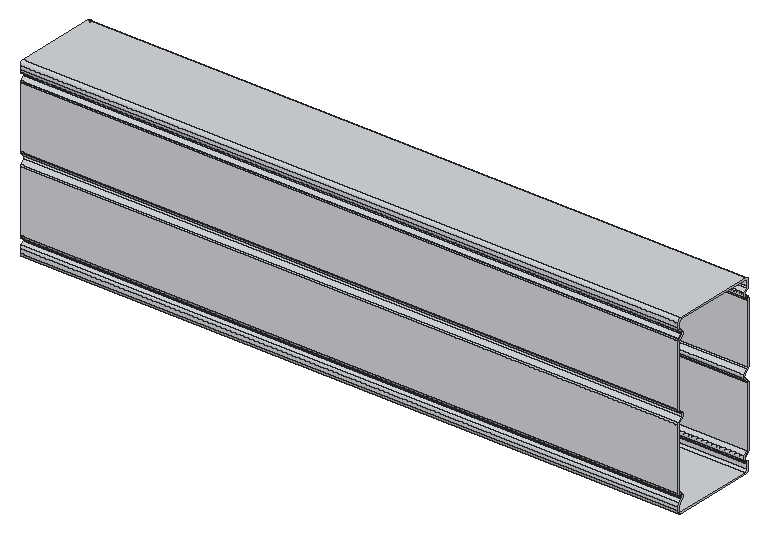
Revit family "SF_Tubest", category Structural Framing, Revit 2022
Family settings
  Section Shape = Not Defined
  Material for Model Behavior = Other
  Always export as geometry = No
  OmniClass Number = 23.25.30.11.14.14
  OmniClass Title = Beams
  Always vertical = Yes
  Cut with Voids When Loaded = No
  Symbolic Representation = From Family
  Shared = No
  Show family pre-cut in plan views = Yes
Parameters (values of type "TubestGD (800x400x6x4")
  es = 4 mm
  eo = 6 mm
  Y = 670 mm
  Vis.SigmaEspecial = H < 300 mm  # no
  Vis.Sigma = not(Vis.SigmaEspecial)  # yes
  Rs = 8 mm
  Ro = 10 mm
  Offset_s = B / 2  # 200 mm
  Offset_o = H / 2  # 400 mm
  H = 800 mm
  Dse = 20 mm
  D_s = 25 mm
  D2_s = 20 mm
  D2_o = 18 mm
  D_o = 18 mm
  B = 400 mm
  URL = ""
  Type Comments = ""
  Structural Material [instance] = ASTM A36
  Model = ""
  Manufacturer = ""
  Length [instance] = 3000 mm
  Keynote = ""
  A = 89 mm
  Description = ""
  Assembly Code = ""
Types (264, lengths in mm): name | es | eo | Y | Vis.SigmaEspecial | Vis.Sigma | Offset_s | Offset_o | H | B
  TubestGD (800x400x6x4 | 4 | 6 | 670 | no | yes | 200 | 400 | 800 | 400
  TubestGD (800x400x6x3 | 3 | 6 | 670 | no | yes | 200 | 400 | 800 | 400
  TubestGD (800x400x5x3 | 3 | 5 | 670 | no | yes | 200 | 400 | 800 | 400
  TubestGD (800x400x4x3 | 3 | 4 | 670 | no | yes | 200 | 400 | 800 | 400
  TubestGD (800x400x3x3 | 3 | 3 | 670 | no | yes | 200 | 400 | 800 | 400
  TubestGD (800x350x6x4 | 4 | 6 | 670 | no | yes | 175 | 400 | 800 | 350
  TubestGD (800x350x6x3 | 3 | 6 | 670 | no | yes | 175 | 400 | 800 | 350
  TubestGD (800x350x5x3 | 3 | 5 | 670 | no | yes | 175 | 400 | 800 | 350
  TubestGD (800x350x4x3 | 3 | 4 | 670 | no | yes | 175 | 400 | 800 | 350
  TubestGD (800x350x3x3 | 3 | 3 | 670 | no | yes | 175 | 400 | 800 | 350
  TubestGD (800x300x6x4 | 4 | 6 | 670 | no | yes | 150 | 400 | 800 | 300
  TubestGD (800x300x6x3 | 3 | 6 | 670 | no | yes | 150 | 400 | 800 | 300
  TubestGD (800x300x5x3 | 3 | 5 | 670 | no | yes | 150 | 400 | 800 | 300
  TubestGD (800x300x4x3 | 3 | 4 | 670 | no | yes | 150 | 400 | 800 | 300
  TubestGD (800x300x3x3 | 3 | 3 | 670 | no | yes | 150 | 400 | 800 | 300
  TubestGD (800x250x6x4 | 4 | 6 | 670 | no | yes | 125 | 400 | 800 | 250
  TubestGD (800x250x6x3 | 3 | 6 | 670 | no | yes | 125 | 400 | 800 | 250
  TubestGD (800x250x5x3 | 3 | 5 | 670 | no | yes | 125 | 400 | 800 | 250
  TubestGD (800x250x4x3 | 3 | 4 | 670 | no | yes | 125 | 400 | 800 | 250
  TubestGD (800x250x3x3 | 3 | 3 | 670 | no | yes | 125 | 400 | 800 | 250
  TubestGD (800x225x6x4 | 4 | 6 | 670 | no | yes | 112.5 | 400 | 800 | 225
  TubestGD (800x225x6x3 | 3 | 6 | 670 | no | yes | 112.5 | 400 | 800 | 225
  TubestGD (800x225x5x3 | 3 | 5 | 670 | no | yes | 112.5 | 400 | 800 | 225
  TubestGD (800x225x4x3 | 3 | 4 | 670 | no | yes | 112.5 | 400 | 800 | 225
  TubestGD (800x225x3x3 | 3 | 3 | 670 | no | yes | 112.5 | 400 | 800 | 225
  TubestGD (800x200x6x4 | 4 | 6 | 670 | no | yes | 100 | 400 | 800 | 200
  TubestGD (800x200x6x3 | 3 | 6 | 670 | no | yes | 100 | 400 | 800 | 200
  TubestGD (800x200x5x3 | 3 | 5 | 670 | no | yes | 100 | 400 | 800 | 200
  TubestGD (800x200x4x3 | 3 | 4 | 670 | no | yes | 100 | 400 | 800 | 200
  TubestGD (800x200x3x3 | 3 | 3 | 670 | no | yes | 100 | 400 | 800 | 200
  TubestGD (800x150x6x4 | 4 | 6 | 670 | no | yes | 75 | 400 | 800 | 150
  TubestGD (800x150x6x3 | 3 | 6 | 670 | no | yes | 75 | 400 | 800 | 150
  TubestGD (800x150x5x3 | 3 | 5 | 670 | no | yes | 75 | 400 | 800 | 150
  TubestGD (800x150x4x3 | 3 | 4 | 670 | no | yes | 75 | 400 | 800 | 150
  TubestGD (800x150x3x3 | 3 | 3 | 670 | no | yes | 75 | 400 | 800 | 150
  TubestGD (750x400x6x4 | 4 | 6 | 620 | no | yes | 200 | 375 | 750 | 400
  TubestGD (750x400x6x3 | 3 | 6 | 620 | no | yes | 200 | 375 | 750 | 400
  TubestGD (750x400x5x3 | 3 | 5 | 620 | no | yes | 200 | 375 | 750 | 400
  TubestGD (750x400x4x3 | 3 | 4 | 620 | no | yes | 200 | 375 | 750 | 400
  TubestGD (750x400x3x3 | 3 | 3 | 620 | no | yes | 200 | 375 | 750 | 400
  TubestGD (750x350x6x4 | 4 | 6 | 620 | no | yes | 175 | 375 | 750 | 350
  TubestGD (750x350x6x3 | 3 | 6 | 620 | no | yes | 175 | 375 | 750 | 350
  TubestGD (750x350x5x3 | 3 | 5 | 620 | no | yes | 175 | 375 | 750 | 350
  TubestGD (750x350x4x3 | 3 | 4 | 620 | no | yes | 175 | 375 | 750 | 350
  TubestGD (750x350x3x3 | 3 | 3 | 620 | no | yes | 175 | 375 | 750 | 350
  TubestGD (750x300x6x4 | 4 | 6 | 620 | no | yes | 150 | 375 | 750 | 300
  TubestGD (750x300x6x3 | 3 | 6 | 620 | no | yes | 150 | 375 | 750 | 300
  TubestGD (750x300x5x3 | 3 | 5 | 620 | no | yes | 150 | 375 | 750 | 300
  TubestGD (750x300x4x3 | 3 | 4 | 620 | no | yes | 150 | 375 | 750 | 300
  TubestGD (750x300x3x3 | 3 | 3 | 620 | no | yes | 150 | 375 | 750 | 300
  TubestGD (750x250x6x4 | 4 | 6 | 620 | no | yes | 125 | 375 | 750 | 250
  TubestGD (750x250x6x3 | 3 | 6 | 620 | no | yes | 125 | 375 | 750 | 250
  TubestGD (750x250x5x3 | 3 | 5 | 620 | no | yes | 125 | 375 | 750 | 250
  TubestGD (750x250x4x3 | 3 | 4 | 620 | no | yes | 125 | 375 | 750 | 250
  TubestGD (750x250x3x3 | 3 | 3 | 620 | no | yes | 125 | 375 | 750 | 250
  TubestGD (750x225x6x4 | 4 | 6 | 620 | no | yes | 112.5 | 375 | 750 | 225
  TubestGD (750x225x6x3 | 3 | 6 | 620 | no | yes | 112.5 | 375 | 750 | 225
  TubestGD (750x225x5x3 | 3 | 5 | 620 | no | yes | 112.5 | 375 | 750 | 225
  TubestGD (750x225x4x3 | 3 | 4 | 620 | no | yes | 112.5 | 375 | 750 | 225
  TubestGD (750x225x3x3 | 3 | 3 | 620 | no | yes | 112.5 | 375 | 750 | 225
  TubestGD (750x200x6x4 | 4 | 6 | 620 | no | yes | 100 | 375 | 750 | 200
  TubestGD (750x200x6x3 | 3 | 6 | 620 | no | yes | 100 | 375 | 750 | 200
  TubestGD (750x200x5x3 | 3 | 5 | 620 | no | yes | 100 | 375 | 750 | 200
  TubestGD (750x200x4x3 | 3 | 4 | 620 | no | yes | 100 | 375 | 750 | 200
  TubestGD (750x200x3x3 | 3 | 3 | 620 | no | yes | 100 | 375 | 750 | 200
  TubestGD (750x150x6x4 | 4 | 6 | 620 | no | yes | 75 | 375 | 750 | 150
  TubestGD (750x150x6x3 | 3 | 6 | 620 | no | yes | 75 | 375 | 750 | 150
  TubestGD (750x150x5x3 | 3 | 5 | 620 | no | yes | 75 | 375 | 750 | 150
  TubestGD (750x150x4x3 | 3 | 4 | 620 | no | yes | 75 | 375 | 750 | 150
  TubestGD (750x150x3x3 | 3 | 3 | 620 | no | yes | 75 | 375 | 750 | 150
  TubestGD (700x400x6x4 | 4 | 6 | 570 | no | yes | 200 | 350 | 700 | 400
  TubestGD (700x400x6x3 | 3 | 6 | 570 | no | yes | 200 | 350 | 700 | 400
  TubestGD (700x400x5x3 | 3 | 5 | 570 | no | yes | 200 | 350 | 700 | 400
  TubestGD (700x400x4x3 | 3 | 4 | 570 | no | yes | 200 | 350 | 700 | 400
  TubestGD (700x400x3x3 | 3 | 3 | 570 | no | yes | 200 | 350 | 700 | 400
  TubestGD (700x350x6x4 | 4 | 6 | 570 | no | yes | 175 | 350 | 700 | 350
  TubestGD (700x350x6x3 | 3 | 6 | 570 | no | yes | 175 | 350 | 700 | 350
  TubestGD (700x350x5x3 | 3 | 5 | 570 | no | yes | 175 | 350 | 700 | 350
  TubestGD (700x350x4x3 | 3 | 4 | 570 | no | yes | 175 | 350 | 700 | 350
  TubestGD (700x350x3x3 | 3 | 3 | 570 | no | yes | 175 | 350 | 700 | 350
  TubestGD (700x300x6x4 | 4 | 6 | 570 | no | yes | 150 | 350 | 700 | 300
  TubestGD (700x300x6x3 | 3 | 6 | 570 | no | yes | 150 | 350 | 700 | 300
  TubestGD (700x300x5x3 | 3 | 5 | 570 | no | yes | 150 | 350 | 700 | 300
  TubestGD (700x300x4x3 | 3 | 4 | 570 | no | yes | 150 | 350 | 700 | 300
  TubestGD (700x300x3x3 | 3 | 3 | 570 | no | yes | 150 | 350 | 700 | 300
  TubestGD (700x250x6x4 | 4 | 6 | 570 | no | yes | 125 | 350 | 700 | 250
  TubestGD (700x250x6x3 | 3 | 6 | 570 | no | yes | 125 | 350 | 700 | 250
  TubestGD (700x250x5x3 | 3 | 5 | 570 | no | yes | 125 | 350 | 700 | 250
  TubestGD (700x250x4x3 | 3 | 4 | 570 | no | yes | 125 | 350 | 700 | 250
  TubestGD (700x250x3x3 | 3 | 3 | 570 | no | yes | 125 | 350 | 700 | 250
  TubestGD (700x225x6x4 | 4 | 6 | 570 | no | yes | 112.5 | 350 | 700 | 225
  TubestGD (700x225x6x3 | 3 | 6 | 570 | no | yes | 112.5 | 350 | 700 | 225
  TubestGD (700x225x5x3 | 3 | 5 | 570 | no | yes | 112.5 | 350 | 700 | 225
  TubestGD (700x225x4x3 | 3 | 4 | 570 | no | yes | 112.5 | 350 | 700 | 225
  TubestGD (700x225x3x3 | 3 | 3 | 570 | no | yes | 112.5 | 350 | 700 | 225
  TubestGD (700x200x6x4 | 4 | 6 | 570 | no | yes | 100 | 350 | 700 | 200
  TubestGD (700x200x6x3 | 3 | 6 | 570 | no | yes | 100 | 350 | 700 | 200
  TubestGD (700x200x5x3 | 3 | 5 | 570 | no | yes | 100 | 350 | 700 | 200
  TubestGD (700x200x4x3 | 3 | 4 | 570 | no | yes | 100 | 350 | 700 | 200
  TubestGD (700x200x3x3 | 3 | 3 | 570 | no | yes | 100 | 350 | 700 | 200
  TubestGD (700x150x6x4 | 4 | 6 | 570 | no | yes | 75 | 350 | 700 | 150
  TubestGD (700x150x6x3 | 3 | 6 | 570 | no | yes | 75 | 350 | 700 | 150
  TubestGD (700x150x5x3 | 3 | 5 | 570 | no | yes | 75 | 350 | 700 | 150
  TubestGD (700x150x4x3 | 3 | 4 | 570 | no | yes | 75 | 350 | 700 | 150
  TubestGD (700x150x3x3 | 3 | 3 | 570 | no | yes | 75 | 350 | 700 | 150
  TubestGD (650x400x6x4 | 4 | 6 | 520 | no | yes | 200 | 325 | 650 | 400
  TubestGD (650x400x6x3 | 3 | 6 | 520 | no | yes | 200 | 325 | 650 | 400
  TubestGD (650x400x5x3 | 3 | 5 | 520 | no | yes | 200 | 325 | 650 | 400
  TubestGD (650x400x4x3 | 3 | 4 | 520 | no | yes | 200 | 325 | 650 | 400
  TubestGD (650x400x3x3 | 3 | 3 | 520 | no | yes | 200 | 325 | 650 | 400
  TubestGD (650x350x6x4 | 4 | 6 | 520 | no | yes | 175 | 325 | 650 | 350
  TubestGD (650x350x6x3 | 3 | 6 | 520 | no | yes | 175 | 325 | 650 | 350
  TubestGD (650x350x5x3 | 3 | 5 | 520 | no | yes | 175 | 325 | 650 | 350
  TubestGD (650x350x4x3 | 3 | 4 | 520 | no | yes | 175 | 325 | 650 | 350
  TubestGD (650x350x3x3 | 3 | 3 | 520 | no | yes | 175 | 325 | 650 | 350
  TubestGD (650x300x6x4 | 4 | 6 | 520 | no | yes | 150 | 325 | 650 | 300
  TubestGD (650x300x6x3 | 3 | 6 | 520 | no | yes | 150 | 325 | 650 | 300
  TubestGD (650x300x5x3 | 3 | 5 | 520 | no | yes | 150 | 325 | 650 | 300
  TubestGD (650x300x4x3 | 3 | 4 | 520 | no | yes | 150 | 325 | 650 | 300
  TubestGD (650x300x3x3 | 3 | 3 | 520 | no | yes | 150 | 325 | 650 | 300
  TubestGD (650x250x6x4 | 4 | 6 | 520 | no | yes | 125 | 325 | 650 | 250
  TubestGD (650x250x6x3 | 3 | 6 | 520 | no | yes | 125 | 325 | 650 | 250
  TubestGD (650x250x5x3 | 3 | 5 | 520 | no | yes | 125 | 325 | 650 | 250
  TubestGD (650x250x4x3 | 3 | 4 | 520 | no | yes | 125 | 325 | 650 | 250
  TubestGD (650x250x3x3 | 3 | 3 | 520 | no | yes | 125 | 325 | 650 | 250
  TubestGD (650x225x6x4 | 4 | 6 | 520 | no | yes | 112.5 | 325 | 650 | 225
  TubestGD (650x225x6x3 | 3 | 6 | 520 | no | yes | 112.5 | 325 | 650 | 225
  TubestGD (650x225x5x3 | 3 | 5 | 520 | no | yes | 112.5 | 325 | 650 | 225
  TubestGD (650x225x4x3 | 3 | 4 | 520 | no | yes | 112.5 | 325 | 650 | 225
  TubestGD (650x225x3x3 | 3 | 3 | 520 | no | yes | 112.5 | 325 | 650 | 225
  TubestGD (650x200x6x4 | 4 | 6 | 520 | no | yes | 100 | 325 | 650 | 200
  TubestGD (650x200x6x3 | 3 | 6 | 520 | no | yes | 100 | 325 | 650 | 200
  TubestGD (650x200x5x3 | 3 | 5 | 520 | no | yes | 100 | 325 | 650 | 200
  TubestGD (650x200x4x3 | 3 | 4 | 520 | no | yes | 100 | 325 | 650 | 200
  TubestGD (650x200x3x3 | 3 | 3 | 520 | no | yes | 100 | 325 | 650 | 200
  TubestGD (650x150x6x4 | 4 | 6 | 520 | no | yes | 75 | 325 | 650 | 150
  TubestGD (650x150x6x3 | 3 | 6 | 520 | no | yes | 75 | 325 | 650 | 150
  TubestGD (650x150x5x3 | 3 | 5 | 520 | no | yes | 75 | 325 | 650 | 150
  TubestGD (650x150x4x3 | 3 | 4 | 520 | no | yes | 75 | 325 | 650 | 150
  TubestGD (650x150x3x3 | 3 | 3 | 520 | no | yes | 75 | 325 | 650 | 150
  TubestGD (600x400x6x4 | 4 | 6 | 470 | no | yes | 200 | 300 | 600 | 400
  TubestGD (600x400x6x3 | 3 | 6 | 470 | no | yes | 200 | 300 | 600 | 400
  TubestGD (600x400x5x3 | 3 | 5 | 470 | no | yes | 200 | 300 | 600 | 400
  TubestGD (600x400x4x3 | 3 | 4 | 470 | no | yes | 200 | 300 | 600 | 400
  TubestGD (600x400x3x3 | 3 | 3 | 470 | no | yes | 200 | 300 | 600 | 400
  TubestGD (600x350x6x4 | 4 | 6 | 470 | no | yes | 175 | 300 | 600 | 350
  TubestGD (600x350x6x3 | 3 | 6 | 470 | no | yes | 175 | 300 | 600 | 350
  TubestGD (600x350x5x3 | 3 | 5 | 470 | no | yes | 175 | 300 | 600 | 350
  TubestGD (600x350x4x3 | 3 | 4 | 470 | no | yes | 175 | 300 | 600 | 350
  TubestGD (600x350x3x3 | 3 | 3 | 470 | no | yes | 175 | 300 | 600 | 350
  TubestGD (600x300x6x4 | 4 | 6 | 470 | no | yes | 150 | 300 | 600 | 300
  TubestGD (600x300x6x3 | 3 | 6 | 470 | no | yes | 150 | 300 | 600 | 300
  TubestGD (600x300x5x3 | 3 | 5 | 470 | no | yes | 150 | 300 | 600 | 300
  TubestGD (600x300x4x3 | 3 | 4 | 470 | no | yes | 150 | 300 | 600 | 300
  TubestGD (600x300x3x3 | 3 | 3 | 470 | no | yes | 150 | 300 | 600 | 300
  TubestGD (600x250x6x4 | 4 | 6 | 470 | no | yes | 125 | 300 | 600 | 250
  TubestGD (600x250x6x3 | 3 | 6 | 470 | no | yes | 125 | 300 | 600 | 250
  TubestGD (600x250x5x3 | 3 | 5 | 470 | no | yes | 125 | 300 | 600 | 250
  TubestGD (600x250x4x3 | 3 | 4 | 470 | no | yes | 125 | 300 | 600 | 250
  TubestGD (600x250x3x3 | 3 | 3 | 470 | no | yes | 125 | 300 | 600 | 250
  TubestGD (600x225x6x4 | 4 | 6 | 470 | no | yes | 112.5 | 300 | 600 | 225
  TubestGD (600x225x6x3 | 3 | 6 | 470 | no | yes | 112.5 | 300 | 600 | 225
  TubestGD (600x225x5x3 | 3 | 5 | 470 | no | yes | 112.5 | 300 | 600 | 225
  TubestGD (600x225x4x3 | 3 | 4 | 470 | no | yes | 112.5 | 300 | 600 | 225
  TubestGD (600x225x3x3 | 3 | 3 | 470 | no | yes | 112.5 | 300 | 600 | 225
  TubestGD (600x200x6x4 | 4 | 6 | 470 | no | yes | 100 | 300 | 600 | 200
  TubestGD (600x200x6x3 | 3 | 6 | 470 | no | yes | 100 | 300 | 600 | 200
  TubestGD (600x200x5x3 | 3 | 5 | 470 | no | yes | 100 | 300 | 600 | 200
  TubestGD (600x200x4x3 | 3 | 4 | 470 | no | yes | 100 | 300 | 600 | 200
  TubestGD (600x200x3x3 | 3 | 3 | 470 | no | yes | 100 | 300 | 600 | 200
  TubestGD (600x150x6x4 | 4 | 6 | 470 | no | yes | 75 | 300 | 600 | 150
  TubestGD (600x150x6x3 | 3 | 6 | 470 | no | yes | 75 | 300 | 600 | 150
  TubestGD (600x150x5x3 | 3 | 5 | 470 | no | yes | 75 | 300 | 600 | 150
  TubestGD (600x150x4x3 | 3 | 4 | 470 | no | yes | 75 | 300 | 600 | 150
  TubestGD (600x150x3x3 | 3 | 3 | 470 | no | yes | 75 | 300 | 600 | 150
  TubestGD (550x400x6x4 | 4 | 6 | 420 | no | yes | 200 | 275 | 550 | 400
  TubestGD (550x400x6x3 | 3 | 6 | 420 | no | yes | 200 | 275 | 550 | 400
  TubestGD (550x400x5x3 | 3 | 5 | 420 | no | yes | 200 | 275 | 550 | 400
  TubestGD (550x400x4x3 | 3 | 4 | 420 | no | yes | 200 | 275 | 550 | 400
  TubestGD (550x400x3x3 | 3 | 3 | 420 | no | yes | 200 | 275 | 550 | 400
  TubestGD (550x350x6x4 | 4 | 6 | 420 | no | yes | 175 | 275 | 550 | 350
  TubestGD (550x350x6x3 | 3 | 6 | 420 | no | yes | 175 | 275 | 550 | 350
  TubestGD (550x350x5x3 | 3 | 5 | 420 | no | yes | 175 | 275 | 550 | 350
  TubestGD (550x350x4x3 | 3 | 4 | 420 | no | yes | 175 | 275 | 550 | 350
  TubestGD (550x350x3x3 | 3 | 3 | 420 | no | yes | 175 | 275 | 550 | 350
  TubestGD (550x300x6x4 | 4 | 6 | 420 | no | yes | 150 | 275 | 550 | 300
  TubestGD (550x300x6x3 | 3 | 6 | 420 | no | yes | 150 | 275 | 550 | 300
  TubestGD (550x300x5x3 | 3 | 5 | 420 | no | yes | 150 | 275 | 550 | 300
  TubestGD (550x300x4x3 | 3 | 4 | 420 | no | yes | 150 | 275 | 550 | 300
  TubestGD (550x300x3x3 | 3 | 3 | 420 | no | yes | 150 | 275 | 550 | 300
  TubestGD (550x250x6x4 | 4 | 6 | 420 | no | yes | 125 | 275 | 550 | 250
  TubestGD (550x250x6x3 | 3 | 6 | 420 | no | yes | 125 | 275 | 550 | 250
  TubestGD (550x250x5x3 | 3 | 5 | 420 | no | yes | 125 | 275 | 550 | 250
  TubestGD (550x250x4x3 | 3 | 4 | 420 | no | yes | 125 | 275 | 550 | 250
  TubestGD (550x250x3x3 | 3 | 3 | 420 | no | yes | 125 | 275 | 550 | 250
  TubestGD (550x225x6x4 | 4 | 6 | 420 | no | yes | 112.5 | 275 | 550 | 225
  TubestGD (550x225x6x3 | 3 | 6 | 420 | no | yes | 112.5 | 275 | 550 | 225
  TubestGD (550x225x5x3 | 3 | 5 | 420 | no | yes | 112.5 | 275 | 550 | 225
  TubestGD (550x225x4x3 | 3 | 4 | 420 | no | yes | 112.5 | 275 | 550 | 225
  TubestGD (550x225x3x3 | 3 | 3 | 420 | no | yes | 112.5 | 275 | 550 | 225
  TubestGD (550x200x6x4 | 4 | 6 | 420 | no | yes | 100 | 275 | 550 | 200
  TubestGD (550x200x6x3 | 3 | 6 | 420 | no | yes | 100 | 275 | 550 | 200
  TubestGD (550x200x5x3 | 3 | 5 | 420 | no | yes | 100 | 275 | 550 | 200
  TubestGD (550x200x4x3 | 3 | 4 | 420 | no | yes | 100 | 275 | 550 | 200
  TubestGD (550x200x3x3 | 3 | 3 | 420 | no | yes | 100 | 275 | 550 | 200
  TubestGD (550x150x6x4 | 4 | 6 | 420 | no | yes | 75 | 275 | 550 | 150
  TubestGD (550x150x6x3 | 3 | 6 | 420 | no | yes | 75 | 275 | 550 | 150
  TubestGD (550x150x5x3 | 3 | 5 | 420 | no | yes | 75 | 275 | 550 | 150
  TubestGD (550x150x4x3 | 3 | 4 | 420 | no | yes | 75 | 275 | 550 | 150
  TubestGD (550x150x3x3 | 3 | 3 | 420 | no | yes | 75 | 275 | 550 | 150
  Tubest (500x225x6x3 | 3 | 6 | 370 | no | yes | 112.5 | 250 | 500 | 225
  Tubest (500x225x5x3 | 3 | 5 | 370 | no | yes | 112.5 | 250 | 500 | 225
  Tubest (500x225x4x3 | 3 | 4 | 370 | no | yes | 112.5 | 250 | 500 | 225
  Tubest (500x200x6x3 | 3 | 6 | 370 | no | yes | 100 | 250 | 500 | 200
  Tubest (500x200x5x3 | 3 | 5 | 370 | no | yes | 100 | 250 | 500 | 200
  Tubest (500x200x4x3 | 3 | 4 | 370 | no | yes | 100 | 250 | 500 | 200
  Tubest (500x150x6x3 | 3 | 6 | 370 | no | yes | 75 | 250 | 500 | 150
  Tubest (500x150x5x3 | 3 | 5 | 370 | no | yes | 75 | 250 | 500 | 150
  Tubest (500x150x4x3 | 3 | 4 | 370 | no | yes | 75 | 250 | 500 | 150
  Tubest (450x225x6x3 | 3 | 6 | 320 | no | yes | 112.5 | 225 | 450 | 225
  Tubest (450x225x5x3 | 3 | 5 | 320 | no | yes | 112.5 | 225 | 450 | 225
  Tubest (450x225x4x3 | 3 | 4 | 320 | no | yes | 112.5 | 225 | 450 | 225
  Tubest (450x200x6x3 | 3 | 6 | 320 | no | yes | 100 | 225 | 450 | 200
  Tubest (450x200x5x3 | 3 | 5 | 320 | no | yes | 100 | 225 | 450 | 200
  Tubest (450x200x4x3 | 3 | 4 | 320 | no | yes | 100 | 225 | 450 | 200
  Tubest (450x150x6x3 | 3 | 6 | 320 | no | yes | 75 | 225 | 450 | 150
  Tubest (450x150x5x3 | 3 | 5 | 320 | no | yes | 75 | 225 | 450 | 150
  Tubest (450x150x4x3 | 3 | 4 | 320 | no | yes | 75 | 225 | 450 | 150
  Tubest (400x225x6x3 | 3 | 6 | 270 | no | yes | 112.5 | 200 | 400 | 225
  Tubest (400x225x5x3 | 3 | 5 | 270 | no | yes | 112.5 | 200 | 400 | 225
  Tubest (400x225x4x3 | 3 | 4 | 270 | no | yes | 112.5 | 200 | 400 | 225
  Tubest (400x200x6x3 | 3 | 6 | 270 | no | yes | 100 | 200 | 400 | 200
  Tubest (400x200x5x3 | 3 | 5 | 270 | no | yes | 100 | 200 | 400 | 200
  Tubest (400x200x4x3 | 3 | 4 | 270 | no | yes | 100 | 200 | 400 | 200
  Tubest (400x150x6x3 | 3 | 6 | 270 | no | yes | 75 | 200 | 400 | 150
  Tubest (400x150x5x3 | 3 | 5 | 270 | no | yes | 75 | 200 | 400 | 150
  Tubest (400x150x4x3 | 3 | 4 | 270 | no | yes | 75 | 200 | 400 | 150
  Tubest (350x225x6x3 | 3 | 6 | 220 | no | yes | 112.5 | 175 | 350 | 225
  Tubest (350x225x5x3 | 3 | 5 | 220 | no | yes | 112.5 | 175 | 350 | 225
  Tubest (350x225x4x3 | 3 | 4 | 220 | no | yes | 112.5 | 175 | 350 | 225
  Tubest (350x200x6x3 | 3 | 6 | 220 | no | yes | 100 | 175 | 350 | 200
  Tubest (350x200x5x3 | 3 | 5 | 220 | no | yes | 100 | 175 | 350 | 200
  Tubest (350x200x4x3 | 3 | 4 | 220 | no | yes | 100 | 175 | 350 | 200
  Tubest (350x150x6x3 | 3 | 6 | 220 | no | yes | 75 | 175 | 350 | 150
  Tubest (350x150x5x3 | 3 | 5 | 220 | no | yes | 75 | 175 | 350 | 150
  Tubest (350x150x4x3 | 3 | 4 | 220 | no | yes | 75 | 175 | 350 | 150
  Tubest (300x225x6x3 | 3 | 6 | 170 | no | yes | 112.5 | 150 | 300 | 225
  Tubest (300x225x5x3 | 3 | 5 | 170 | no | yes | 112.5 | 150 | 300 | 225
  Tubest (300x225x4x3 | 3 | 4 | 170 | no | yes | 112.5 | 150 | 300 | 225
  Tubest (300x200x6x3 | 3 | 6 | 170 | no | yes | 100 | 150 | 300 | 200
  Tubest (300x200x5x3 | 3 | 5 | 170 | no | yes | 100 | 150 | 300 | 200
  Tubest (300x200x4x3 | 3 | 4 | 170 | no | yes | 100 | 150 | 300 | 200
  Tubest (300x150x6x3 | 3 | 6 | 170 | no | yes | 75 | 150 | 300 | 150
  Tubest (300x150x5x3 | 3 | 5 | 170 | no | yes | 75 | 150 | 300 | 150
  Tubest (300x150x4x3 | 3 | 4 | 170 | no | yes | 75 | 150 | 300 | 150
  Tubest (250x225x6x3 | 3 | 6 | 120 | yes | no | 112.5 | 125 | 250 | 225
  Tubest (250x225x5x3 | 3 | 5 | 120 | yes | no | 112.5 | 125 | 250 | 225
  Tubest (250x225x4x3 | 3 | 4 | 120 | yes | no | 112.5 | 125 | 250 | 225
  Tubest (250x200x6x3 | 3 | 6 | 120 | yes | no | 100 | 125 | 250 | 200
  Tubest (250x200x5x3 | 3 | 5 | 120 | yes | no | 100 | 125 | 250 | 200
  Tubest (250x200x4x3 | 3 | 4 | 120 | yes | no | 100 | 125 | 250 | 200
  Tubest (250x150x6x3 | 3 | 6 | 120 | yes | no | 75 | 125 | 250 | 150
  Tubest (250x150x5x3 | 3 | 5 | 120 | yes | no | 75 | 125 | 250 | 150
  Tubest (250x150x4x3 | 3 | 4 | 120 | yes | no | 75 | 125 | 250 | 150
Reference planes
  plane 1 "Center (Front/Back)": y = 0
  plane 2 "Center Elevation": z = 0
  plane 3 "Center (Left/Right)": x = 0
  plane 4 "Left": x = -1500
  plane 5 "Member Left": x = -1250
  plane 6 "Stick Symbol Left": x = -1000
  plane 7 "Right": x = 1500
  plane 8 "Member Right": x = 1250
  plane 9 "Stick Symbol Right": x = 1000
  plane 10: z = 150
  plane 11: z = -150
Forms (mm)
  Sweep 1, solid
    path origin (0, 0, 114.059) x (1, 0, 0) y (0, 1, 0)
      loop
        line (-1500, 0) -> (1500, 0)
    profile "Ohm : Ohm" origin (0, 0, 114.059) x (0, 1, 0) y (0, 0, 1)
      loop
        arc (-184, -508.059) -> (-191.071, -505.13) -> (-194, -498.059) r 10
        line (-194, -498.059) -> (-194, -478.092)
        arc (-194, -478.092) -> (-193.239, -474.265) -> (-191.071, -471.021) r 10
        line (-191.071, -471.021) -> (-178.343, -458.293)
        arc (-178.343, -458.293) -> (-173.657, -446.979) -> (-178.343, -435.665) r 16
        line (-178.343, -435.665) -> (-191.071, -422.937) -> (-195.314, -427.18) -> (-182.586, -439.908)
        arc (-182.586, -439.908) -> (-179.657, -446.979) -> (-182.586, -454.05) r 10
        line (-182.586, -454.05) -> (-195.314, -466.778)
        arc (-195.314, -466.778) -> (-198.782, -471.969) -> (-200, -478.092) r 16
        line (-200, -478.092) -> (-200, -498.059)
        arc (-200, -498.059) -> (-195.314, -509.372) -> (-184, -514.059) r 16
        line (-184, -514.059) -> (0, -514.059) -> (184, -514.059)
        arc (184, -514.059) -> (195.314, -509.372) -> (200, -498.059) r 16
        line (200, -498.059) -> (200, -478.092)
        arc (200, -478.092) -> (198.782, -471.969) -> (195.314, -466.778) r 16
        line (195.314, -466.778) -> (182.586, -454.05)
        arc (182.586, -454.05) -> (179.657, -446.979) -> (182.586, -439.908) r 10
        line (182.586, -439.908) -> (195.314, -427.18) -> (191.071, -422.937) -> (178.343, -435.665)
        arc (178.343, -435.665) -> (173.657, -446.979) -> (178.343, -458.293) r 16
        line (178.343, -458.293) -> (191.071, -471.021)
        arc (191.071, -471.021) -> (193.239, -474.265) -> (194, -478.092) r 10
        line (194, -478.092) -> (194, -498.059)
        arc (194, -498.059) -> (191.071, -505.13) -> (184, -508.059) r 10
        line (184, -508.059) -> (0, -508.059) -> (-184, -508.059)
  Sweep 2, solid
    path origin (0, 0, -114.059) x (1, 0, 0) y (0, 1, 0)
      loop
        line (-1500, 0) -> (1500, 0)
    profile "Ohm : Ohm" origin (0, 0, -114.059) x (0, 1, 0) y (0, 0, 1)
      loop
        arc (184, 508.059) -> (191.071, 505.13) -> (194, 498.059) r 10
        line (194, 498.059) -> (194, 478.092)
        arc (194, 478.092) -> (193.239, 474.265) -> (191.071, 471.021) r 10
        line (191.071, 471.021) -> (178.343, 458.293)
        arc (178.343, 458.293) -> (173.657, 446.979) -> (178.343, 435.665) r 16
        line (178.343, 435.665) -> (191.071, 422.937) -> (195.314, 427.18) -> (182.586, 439.908)
        arc (182.586, 439.908) -> (179.657, 446.979) -> (182.586, 454.05) r 10
        line (182.586, 454.05) -> (195.314, 466.778)
        arc (195.314, 466.778) -> (198.782, 471.969) -> (200, 478.092) r 16
        line (200, 478.092) -> (200, 498.059)
        arc (200, 498.059) -> (195.314, 509.372) -> (184, 514.059) r 16
        line (184, 514.059) -> (0, 514.059) -> (-184, 514.059)
        arc (-184, 514.059) -> (-195.314, 509.372) -> (-200, 498.059) r 16
        line (-200, 498.059) -> (-200, 478.092)
        arc (-200, 478.092) -> (-198.782, 471.969) -> (-195.314, 466.778) r 16
        line (-195.314, 466.778) -> (-182.586, 454.05)
        arc (-182.586, 454.05) -> (-179.657, 446.979) -> (-182.586, 439.908) r 10
        line (-182.586, 439.908) -> (-195.314, 427.18) -> (-191.071, 422.937) -> (-178.343, 435.665)
        arc (-178.343, 435.665) -> (-173.657, 446.979) -> (-178.343, 458.293) r 16
        line (-178.343, 458.293) -> (-191.071, 471.021)
        arc (-191.071, 471.021) -> (-193.239, 474.265) -> (-194, 478.092) r 10
        line (-194, 478.092) -> (-194, 498.059)
        arc (-194, 498.059) -> (-191.071, 505.13) -> (-184, 508.059) r 10
        line (-184, 508.059) -> (0, 508.059) -> (184, 508.059)
  Sweep 3, solid, visible <- "Vis.Sigma"
    path origin (0, 71, -133.083) x (1, 0, 0) y (0, 1, 0)
      loop
        line (-1500, 0) -> (1500, 0)
    profile "Sigma : Sigma" origin (0, 71, -133.083) x (0, 1, 0) y (0, 0, 1)
      loop
        arc (125, 164.903) -> (124.391, 161.841) -> (122.657, 159.246) r 8
        line (122.657, 159.246) -> (104.979, 141.568)
        arc (104.979, 141.568) -> (101.464, 133.083) -> (104.979, 124.598) r 12
        line (104.979, 124.598) -> (122.657, 106.92)
        arc (122.657, 106.92) -> (124.391, 104.325) -> (125, 101.263) r 8
        line (125, 101.263) -> (125, -179.29)
        arc (125, -179.29) -> (124.391, -182.351) -> (122.657, -184.946) r 8
        line (122.657, -184.946) -> (108.515, -199.089) -> (111.343, -201.917) -> (125.485, -187.775)
        arc (125.485, -187.775) -> (128.087, -183.882) -> (129, -179.29) r 12
        line (129, -179.29) -> (129, 101.263)
        arc (129, 101.263) -> (128.087, 105.855) -> (125.485, 109.748) r 12
        line (125.485, 109.748) -> (107.808, 127.426)
        arc (107.808, 127.426) -> (105.464, 133.083) -> (107.808, 138.74) r 8
        line (107.808, 138.74) -> (125.485, 156.418)
        arc (125.485, 156.418) -> (128.087, 160.311) -> (129, 164.903) r 12
        line (129, 164.903) -> (129, 445.456)
        arc (129, 445.456) -> (128.087, 450.048) -> (125.485, 453.941) r 12
        line (125.485, 453.941) -> (111.343, 468.083) -> (108.515, 465.255) -> (122.657, 451.112)
        arc (122.657, 451.112) -> (124.391, 448.517) -> (125, 445.456) r 8
        line (125, 445.456) -> (125, 164.903)
  Sweep 4, solid, visible <- "Vis.Sigma"
    path origin (0, 76, -133.083) x (1, 0, 0) y (0, 1, 0)
      loop
        line (-1500, 0) -> (1500, 0)
    profile "Sigma : Sigma" origin (0, 76, -133.083) x (0, 1, 0) y (0, 0, 1)
      loop
        arc (-272, 101.263) -> (-271.391, 104.325) -> (-269.657, 106.92) r 8
        line (-269.657, 106.92) -> (-251.979, 124.598)
        arc (-251.979, 124.598) -> (-248.464, 133.083) -> (-251.979, 141.568) r 12
        line (-251.979, 141.568) -> (-269.657, 159.246)
        arc (-269.657, 159.246) -> (-271.391, 161.841) -> (-272, 164.903) r 8
        line (-272, 164.903) -> (-272, 445.456)
        arc (-272, 445.456) -> (-271.391, 448.517) -> (-269.657, 451.112) r 8
        line (-269.657, 451.112) -> (-255.515, 465.255) -> (-258.343, 468.083) -> (-272.485, 453.941)
        arc (-272.485, 453.941) -> (-275.087, 450.048) -> (-276, 445.456) r 12
        line (-276, 445.456) -> (-276, 164.903)
        arc (-276, 164.903) -> (-275.087, 160.311) -> (-272.485, 156.418) r 12
        line (-272.485, 156.418) -> (-254.808, 138.74)
        arc (-254.808, 138.74) -> (-252.464, 133.083) -> (-254.808, 127.426) r 8
        line (-254.808, 127.426) -> (-272.485, 109.748)
        arc (-272.485, 109.748) -> (-275.087, 105.855) -> (-276, 101.263) r 12
        line (-276, 101.263) -> (-276, -179.29)
        arc (-276, -179.29) -> (-275.087, -183.882) -> (-272.485, -187.775) r 12
        line (-272.485, -187.775) -> (-258.343, -201.917) -> (-255.515, -199.089) -> (-269.657, -184.946)
        arc (-269.657, -184.946) -> (-271.391, -182.351) -> (-272, -179.29) r 8
        line (-272, -179.29) -> (-272, 101.263)
  Sweep 5, solid, visible <- "Vis.SigmaEspecial"
    path origin (0, 0, 0) x (1, 0, 0) y (0, 1, 0)
      loop
        line (-1500, 0) -> (1500, 0)
    profile "SigmaEspecial : SigmaEspecial" origin (0, 0, 0) x (0, 1, 0) y (0, 0, 1)
      loop
        line (-196, -38) -> (-196, 0) -> (-196, 38)
        arc (-196, 38) -> (-195.391, 41.061) -> (-193.657, 43.657) r 8
        line (-193.657, 43.657) -> (-179.515, 57.799) -> (-182.343, 60.627) -> (-196.485, 46.485)
        arc (-196.485, 46.485) -> (-199.087, 42.592) -> (-200, 38) r 12
        line (-200, 38) -> (-200, 0.338) -> (-200, -38)
        arc (-200, -38) -> (-199.087, -42.592) -> (-196.485, -46.485) r 12
        line (-196.485, -46.485) -> (-182.343, -60.627) -> (-179.515, -57.799) -> (-193.657, -43.657)
        arc (-193.657, -43.657) -> (-195.391, -41.061) -> (-196, -38) r 8
  Sweep 6, solid, visible <- "Vis.SigmaEspecial"
    path origin (0, 0, 0) x (1, 0, 0) y (0, 1, 0)
      loop
        line (-1500, 0) -> (1500, 0)
    profile "SigmaEspecial : SigmaEspecial" origin (0, 0, 0) x (0, 1, 0) y (0, 0, 1)
      loop
        line (196, 38) -> (196, 0) -> (196, -38)
        arc (196, -38) -> (195.391, -41.061) -> (193.657, -43.657) r 8
        line (193.657, -43.657) -> (179.515, -57.799) -> (182.343, -60.627) -> (196.485, -46.485)
        arc (196.485, -46.485) -> (199.087, -42.592) -> (200, -38) r 12
        line (200, -38) -> (200, -0.338) -> (200, 38)
        arc (200, 38) -> (199.087, 42.592) -> (196.485, 46.485) r 12
        line (196.485, 46.485) -> (182.343, 60.627) -> (179.515, 57.799) -> (193.657, 43.657)
        arc (193.657, 43.657) -> (195.391, 41.061) -> (196, 38) r 8
Dimensions and locks
  equal spacing: plane 4 "Left", plane 3 "Center (Left/Right)", plane 7 "Right"
  "Length": plane 4 "Left" to plane 7 "Right"
  plane 10 to plane 2 "Center Elevation" = 150 mm
  plane 2 "Center Elevation" to plane 11 = 150 mm
  aligned and locked: level to plane 2 "Center Elevation"
Automatic sketch dimensions
  plane 1 "Center (Front/Back)" to Sweep 1 sketch curve = 0 mm
  Sweep 1 sketch curve to plane 4 "Left" = 0 mm
  Sweep 1 sketch curve to plane 7 "Right" = 0 mm
  plane 1 "Center (Front/Back)" to Sweep 2 sketch curve = 0 mm
  Sweep 2 sketch curve to plane 4 "Left" = 0 mm
  Sweep 2 sketch curve to plane 7 "Right" = 0 mm
  Sweep 3 sketch curve to plane 4 "Left" = 0 mm
  Sweep 3 sketch curve to plane 7 "Right" = 0 mm
  Sweep 3 sketch curve to plane 1 "Center (Front/Back)" = 71 mm
  Sweep 4 sketch curve to plane 4 "Left" = 0 mm
  Sweep 4 sketch curve to plane 7 "Right" = 0 mm
  Sweep 4 sketch curve to plane 1 "Center (Front/Back)" = 76 mm
  Sweep 5 sketch curve to plane 4 "Left" = 0 mm
  Sweep 5 sketch curve to plane 7 "Right" = 0 mm
  Sweep 5 sketch curve to plane 1 "Center (Front/Back)" = 0 mm
  Sweep 6 sketch curve to plane 4 "Left" = 0 mm
  Sweep 6 sketch curve to plane 7 "Right" = 0 mm
  plane 1 "Center (Front/Back)" to Sweep 6 sketch curve = 0 mm
